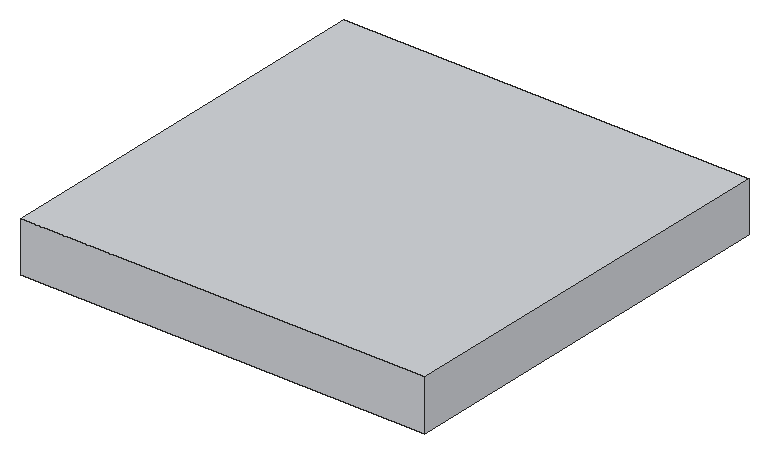
Revit family "05-E153-CA-CL", category Luminarias, Revit 2017
Family settings
  Anfitrión = Cara
  Cota de conector redondo = Diámetro de uso
  Tipo de pieza = Normal
  Número OmniClass = 23.80.70.00
  Título OmniClass = Lighting
  Corte con vacíos al cargar = No
  Origen de luz = No
  Compartido = Sí
  Punto de cálculo de habitación = No
Parameters (values of type "05-E153-CA-CL")
  Versión = "v1"
  Vatios (W) = 4.8
  Tipo de regulación = ""
  Tipo = "Proyector"
  Tender text (English) = "LEDS C4\nThor ø50mm\n05-E153-CA-CL\n\nLED Spotlight for outdoor use. \n\nFor downlighting.. Suitable for installation in marine environments. Cable meters included: 2. Adjustable light source. Structure material: Stainless steel AISI316. Structure finish: Polished. Diffuser material: Glass. Diffuser finish: Transparent. UV protection. Warranty: 5 Years.\n\nProduct net weight (Kg): 0.850\nProduct length (mm): 80\nProduct width or diameter (mm): 59\nProduct height (mm): MAX.119\n\nClass 3. IP: IP65. IK: IK02. LED. No. of lampholders or LEDs: 1. LED brand: CREE. Driver brand: TITANIC. Maximum power of light source: 4.5W. Colour temperature: LED warm-white 3000K. Colour rendering index: 80. MacAdam Steps: 2. Maximum diameter of luminaire bulb: 50.000h L80B20. UGR:  9.8. Photobiological risk: RG1. Real flux (lm): 341. Lm/Real W: 71. Voltage and frequency range: 24-48. Voltage: 9. Gear included: No, but it is needed. Total power: 4.8."
  Tender text (Castellano) = "LEDS C4\nThor ø50mm\n05-E153-CA-CL\n\nProyector LED de uso exterior para iluminar hacia abajo. \nApto para instalar en ambientes con atmósfera marina. Metros cable incluido: 2. Fuente de luz orientable. Material estructura: Acero inoxidable AISI 316. Acabado estructura: Pulido. Material difusor: Cristal. Acabado difusor: Transparente. Protección contra los rayos ultravioleta. Garantía: 5 Años.\n\nPeso neto del producto (Kg): 0.850\nLongitud del producto (mm): 80\nAnchura o diámetro del producto (mm): 59\nAltura del producto (mm): MAX.119\n\nClase 3. IP: IP65. IK: IK02. LED. Nº de portalámparas o Leds: 1. Marca del LED: CREE. Marca del Driver: TITANIC. Potencia máxima de la fuente de luz: 4.5W. Temperatura de color: Blanco cálido - 3000K. Índice de reproducción cromática: 80. Steps Mac Adam: 2. Diámetro máximo de la bombilla que admite la luminaria: 50.000h L80B20. UGR:  9.8. Riesgo fotobiológico: RG1. Flujo real (lm): 341. Lm/W reales: 71. Rango de voltaje/frecuencia: 24-48. Voltaje: 9. Equipo incluido: No, pero lo necesita. Potencia total: 4.8."
  Temperatura color led (K) = "Blanco cálido - 3000K"
  Referencia = "05-E153-CA-CL"
  Rayo de luz = "MEDIUM, 30º"
  Producto descatalogado = "Catalogado ES"
  Pluma comercial = ""
  Peso neto (KG) = 0.85
  Material = "Acero inoxidable AISI 316, Cristal"
  Lumenes reales (lm) = 341
  LDT = "http://files.leds-c4.com/ldt/05-E153-CA-CL.html"
  Imagen web = "http://files.leds-c4.com/main-photo/05-E153-CA-CL"
  IfcExportType = "NOTDEFINED"
  IfcExportAs = "IfcLightFixture\r\nIfcLightFixture"
  IP = "IP65"
  IMC = "http://files.leds-c4.com/imc/05-E153-CA-CL.html"
  IK = "IK02"
  Fuente de luz = ""
  Fotometría = "http://files.leds-c4.com/fm/05-E153-CA-CL.html"
  Ficha = "http://files.leds-c4.com/ft/es/05-E153-CA-CL.html"
  FechaVersion = "Julio 2020"
  Familia = "Thor ø50mm"
  Fabricante = "LEDS C4"
  Etiqueta V/f = "24-48 VDC"
  Elevación por defecto = 1000 mm
  Eficiencia energética = "LED A++"
  EAN13 = "8435575319585"
  DescripcionUniformat2010 = "Lighting"
  DescripcionUniclass2015 = "Lighting"
  DescripcionOmniclass = "Lighting"
  DescripcionGubimclass = "Iluminación interior"
  CodigoUniformat2010 = "D5040"
  CodigoUniclass2015 = "EF_70_80"
  CodigoOmniclass = "21-04 50 40"
  CodigoGubimclass = "50.60.50.20"
  Catálogo = "Outdoor"
  Carga aparente = 0 VA
  CRI = 80
  Acabado = "Pulido, Transparente"
Types (2, lengths in mm): name | Lumenes reales (lm) | CRI
  (no name) | 0 | 0
  05-E153-CA-CL | 341 | 80
Values of the unnamed type that differ from the named types
  Vatios (W) = 0
  Tipo = ""
  Tender text (English) = ""
  Tender text (Castellano) = ""
  Temperatura color led (K) = ""
  Referencia = ""
  Rayo de luz = ""
  Producto descatalogado = ""
  Peso neto (KG) = 0
  Material = ""
  LDT = ""
  Imagen web = ""
  IP = ""
  IMC = ""
  IK = ""
  Fotometría = ""
  Ficha = ""
  Familia = ""
  Etiqueta V/f = ""
  Eficiencia energética = ""
  EAN13 = ""
  Catálogo = ""
  Acabado = ""
Reference planes
  plane 1 "Centro (Frontal/Posterior)": y = 0
  plane 2: z = 0
  plane 3 "Centro (Izquierda/Derecha)": x = 0
  plane 4 "Elevación de origen de luz": z = 0
  plane 5 "Eje de origen de luz (F/P)": y = 0
  plane 6 "Eje de origen de luz (I/D)": x = 0
Forms (mm)
  Extrusion 1, solid
    sketch origin (0, 0, 0) x (1, 0, 0) y (0, 1, 0)
      loop
        line (-1219.2, 1219.2) -> (-1219.2, -1219.2) -> (1219.2, -1219.2) -> (1219.2, 1219.2) -> (-1219.2, 1219.2)
    from 0 to -304.8
Dimensions and locks
  aligned and locked: plane 2 to Extrusion 1
  aligned and locked: level to Extrusion 1
Nested families
  nested 1: "Luz anidada" at (38.627, 0, 105.787), type "Tipo1"
Connectors
  electrical at (0, 0, 0)
    settings: on Extrusion 1, index 1, voltage 0 V, apparent load 0 VA, apparent load phase1 0 VA, apparent load phase2 0 VA, apparent load phase3 0 VA, power factor 1, load classification "Otro", number of poles 1, system type 31, power factor state 1, is connector primary yes, connector utility no, sub classification motor no, connector description ""
Definition of nested family "Luz anidada"
  Parameters (values of type "Tipo1")
    Tilt Angle = 35.9302°
    Wattage = 4.8 W
    Tipo de regulación = ""
    Tipo = ""
    Tender text = ""
    built-in parameter 1150110 = 1 (stored number, unit not read)
    Pluma comercial = ""
    Material = ""
    Imagen = ""
    IP = ""
    IMC = ""
    IK = ""
    Fotometría = ""
    Ficha = ""
    Familia = ""
    Estado en catálogo = ""
    Peso neto = ""
    Lamp = ""
    built-in parameter 1114217 = 1 (stored number, unit not read)
    built-in parameter 1150109 = 1 (stored number, unit not read)
    Etiqueta vf = ""
    Eficiencia energética = ""
    EAN13 = ""
    built-in parameter 1150134 = (empty or 0)
    built-in parameter 1150113 = 1 (stored number, unit not read)
    Lumens = 2391 lm
    built-in parameter 1150115 = 1 (stored number, unit not read)
    built-in parameter 1150105 = 109.82 (stored number, unit not read)
    built-in parameter 1150137 = (empty or 0)
    built-in parameter 1150139 = (empty or 0)
    built-in parameter 1150112 = 1 (stored number, unit not read)
    built-in parameter 1150114 = 1 (stored number, unit not read)
    built-in parameter 1150132 = (empty or 0)
    built-in parameter 1150102 = (empty or 0)
    built-in parameter 1150138 = (empty or 0)
    built-in parameter 1150107 = 3000 (stored number, unit not read)
    built-in parameter 1150106 = 1.0982 (stored number, unit not read)
    built-in parameter 1150104 = 6.6 (stored number, unit not read)
    Catálogo = ""
    Dimming Lamp Color Temperature Shift = (empty or 0)
    Color Filter = 16777215
    built-in parameter 1114218 = 1 (stored number, unit not read)
    CRI = 0
    Photometric Web File = "05-E153-CA-CL.ies"
    Acabado = ""
    built-in parameter 1150133 = 10 (stored number, unit not read)
  Types (2, lengths in mm): name | Tilt Angle
    (no name) | 47.0205°
    Tipo1 | 35.9302°
  Values of the unnamed type that differ from the named types
    Wattage = 9.4 W
    built-in parameter 1150104 = 6.6712 (stored number, unit not read)
  Reference planes
    plane 1 "Eje de origen de luz (F/P)": y = 0
    plane 2: z = 0
    plane 3 "Eje de origen de luz (I/D)": x = 0
    plane 4 "Elevación de origen de luz": z = 0
  Dimensions and locks
    aligned and locked: plane 3 "Eje de origen de luz (I/D)" to imposter light
    aligned and locked: plane 1 "Eje de origen de luz (F/P)" to imposter light
    aligned and locked: plane 4 "Elevación de origen de luz" to imposter light
    aligned and locked: level to plane 2
